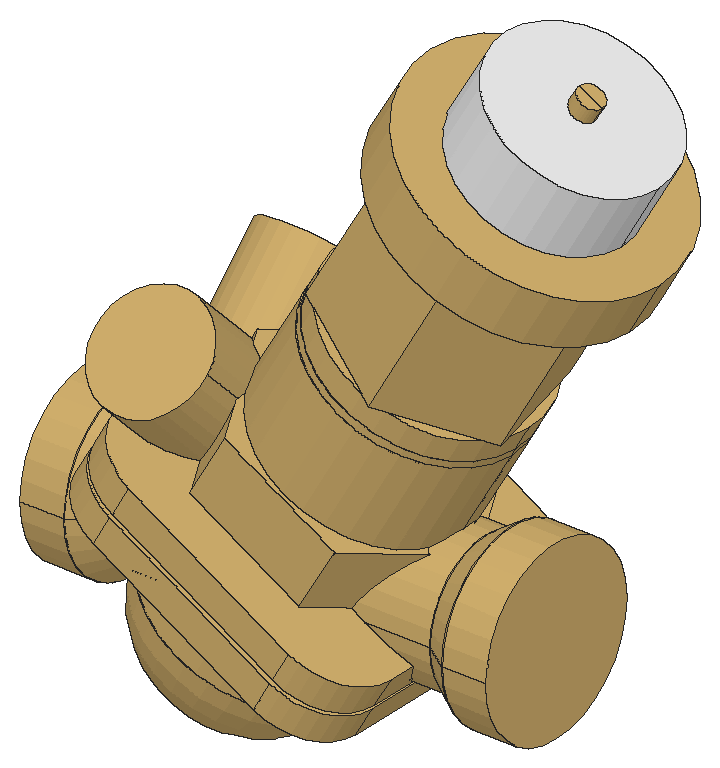
Revit family "AB-QM_DN10LF-32HF_External_RFA_1", category Pipe Accessories, Revit 2019
Family settings
  Round Connector Dimension = Use Diameter
  Part Type = Valve - Breaks Into
  Work Plane-Based = No
  Always vertical = Yes
  Cut with Voids When Loaded = No
  Shared = No
Parameters (values of type "AB-QM_DN10_External_003Z1201")
  Weight = 0.38 kg
  TP_L2 = 7 mm
  TD = R_V1_1 * 2  # 20 mm
  R_B4 = 15 mm
  R_B2 = 12 mm
  R_Arc2 = 7 mm
  Nominal Pressure = "PN 16"  # constant formula
  Model Type = "AB-QM_DN10_External"
  LV1 = 22 mm
  LV = 37 mm
  LOD 350 = not(LOD 200)  # yes
  LOD 200 = no
  L1 = 5 mm
  H_N1 = 8 mm
  H_A5 = 6.7 mm  # constant formula
  H_A2 = 20 mm
  TP_L = 13.5 mm
  Valve Body Material = Danfoss Brass
  URL = "https://store.danfoss.com/en/Climate-Solutions-for-heating/Hydronic-Balancing-and-Control/Pressure-independent-balancing-and-control/AB-QM/AB-QM-Valves/c/6990?q=%3Arelevance%3Adanfoss_producttypehierarchydesc%3A64b9d8b4eb1386042d41cb0d6519f866d976fa12%3Adanfoss_a50461501115_fts%3ATA6_1501121%3Adanfoss_a1389412863%3ATA4_425360%3Adanfoss_a1389412863%3ATA3_425359%3Adanfoss_a1389412863%3ATA2_425358%3Adanfoss_a1389412863%3ATA1_425357%3Adanfoss_a1389412863%3ATA30_458320&page=0&pageSize=20"
  TP_H = 17 mm
  Stroke = "2.25 mm"
  Setting Range = "20-120%"
  H_Plate_ve = -H_Plate  # -3.8 mm
  H_Plate = 3.8 mm
  R_T = 10 mm
  R_N2 = 12.7 mm
  R_N1 = 14.4 mm
  R_V1 = 8 mm
  TP_R1 = 6.5 mm
  Pressure Drop [instance] = 0.0 Pa
  Nominal Flow = "275 l/h"
  Model = "003Z1201"
  Min Pressure Drop = "16 kPa"
  Min Medium Temperature = "120 °C"  # constant formula
  Max Pressure Drop = "600 kPa"  # constant formula
  Max Medium Temperature = "2 °C"  # constant formula
  Manufacturer = "Danfoss"  # constant formula
  H_A4 = 3 mm
  L_1 = 26.5 mm
  H_N2 = 17.8 mm
  L2 = 3 mm
  L_Plate = 35 mm
  L = L_1 * 2  # 53 mm
  IfcExportType = "AB-QM"  # constant formula
  IfcExportAs = "IfcValveType"  # constant formula
  H_A = 12.5 mm
  H_A1 = 8 mm
  H_A3 = 1 mm
  H2 = 19 mm
  H1 = 60 mm
  GAP2 = 1 mm
  GAP = 0.5 mm
  Flow [instance] = 0.0 L/s
  Description = "Pressure Independent Control Valve"  # constant formula
  R_B3 = 12 mm
  R_V1_1 = 10 mm
  D = 10 mm
  Connection = "External Thread"  # constant formula
  R_N2_6 = R_N2 * cos(30.00°)  # 10.999 mm
  R_N1_6 = R_N1 * cos(30.00°)  # 12.471 mm
  R_Arc1 = 3 mm
  R_B1 = 12.5 mm
  A2 = 14.5 mm
  A1 = 10.5 mm
  A = 30.00°
Types (11, lengths in mm): name | Weight | TP_L2 | TD | R_B2 | R_Arc2 | Model Type | LV1 | LV | L1 | H_N1 | H_A2 | TP_L | URL | TP_H | Stroke | Setting Range | H_Plate_ve | H_Plate | R_N2 | R_N1 | R_V1 | Nominal Flow | Model | Min Pressure Drop | H_A4 | L_1 | H_N2 | L2 | L_Plate | L | H_A | H_A1 | H_A3 | H2 | H1 | R_B3 | R_V1_1 | D | R_N2_6 | R_N1_6 | R_Arc1 | R_B1 | A2 | A1
  AB-QM_DN25_External_003Z1204 | 1.45 kg | 12 | 42 | 17 | 12 | "AB-QM_DN25_External" | 37 | 74 | 10 | 16 | 31 | 15 | "https://store.danfoss.com/en/Climate-Solutions-for-heating/Hydronic-Balancing-and-Control/Pressure-independent-balancing-and-control/AB-QM/AB-QM-Valves/c/6990?q=%3Arelevance%3Adanfoss_producttypehierarchydesc%3A64b9d8b4eb1386042d41cb0d6519f866d976fa12%3Adanfoss_a50461501115_fts%3ATA6_1501121%3Adanfoss_a1389412863%3ATA4_425360%3Adanfoss_a1389412863%3ATA3_425359%3Adanfoss_a1389412863%3ATA2_425358%3Adanfoss_a1389412863%3ATA1_425357%3Adanfoss_a1389412863%3ATA30_458320&text=" | 17 | "4.50 mm" | "20-110%" | -6 | 6 | 13.9 | 22.4 | 17 | "1700 l/h" | "003Z1204" | "20 kPa" | 3 | 52 | 15.3 | 5 | 71 | 104 | 20 | 20 | 5 | 38 | 73 | 19 | 21 | 25 | 12.038 | 19.399 | 5 | 20 | 22.5 | 13
  AB-QM_DN32_External_003Z1205 | 2.21 kg | 17 | 48 | 22 | 12 | "AB-QM_DN32_External" | 45.5 | 94 | 13 | 20 | 40 | 17 | "https://store.danfoss.com/en/Climate-Solutions-for-heating/Hydronic-Balancing-and-Control/Pressure-independent-balancing-and-control/AB-QM/AB-QM-Valves/c/6990?q=%3Arelevance%3Adanfoss_producttypehierarchydesc%3A64b9d8b4eb1386042d41cb0d6519f866d976fa12%3Adanfoss_a50461501115_fts%3ATA6_1501121%3Adanfoss_a1389412863%3ATA4_425360%3Adanfoss_a1389412863%3ATA3_425359%3Adanfoss_a1389412863%3ATA2_425358%3Adanfoss_a1389412863%3ATA1_425357%3Adanfoss_a1389412863%3ATA30_458320&text=" | 16 | "4.50 mm" | "20-110%" | -8 | 8 | 13.9 | 28 | 22 | "3200 l/h" | "003Z1205" | "25 kPa" | 6.2 | 65 | 15.3 | 5 | 90 | 130 | 25 | 24 | 3.353 | 47 | 83 | 24 | 24 | 32 | 12.038 | 24.249 | 6 | 26 | 28 | 13
  AB-QM_DN20_External_003Z1203 | 0.65 kg | 10 | 33 | 13 | 12 | "AB-QM_DN20_External" | 30.5 | 58.3 | 8 | 16 | 17 | 14 | "https://store.danfoss.com/en/Climate-Solutions-for-heating/Hydronic-Balancing-and-Control/Pressure-independent-balancing-and-control/AB-QM/AB-QM-Valves/c/6990?q=%3Arelevance%3Adanfoss_producttypehierarchydesc%3A64b9d8b4eb1386042d41cb0d6519f866d976fa12%3Adanfoss_a50461501115_fts%3ATA6_1501121%3Adanfoss_a1389412863%3ATA4_425360%3Adanfoss_a1389412863%3ATA3_425359%3Adanfoss_a1389412863%3ATA2_425358%3Adanfoss_a1389412863%3ATA1_425357%3Adanfoss_a1389412863%3ATA30_458320&text=" | 16 | "2.25 mm" | "20-120%" | -6 | 6 | 12.7 | 18.5 | 14 | "900 l/h" | "003Z1203" | "16 kPa" | 5 | 41 | 17.8 | 4 | 56 | 82 | 16 | 14.5 | 5 | 30 | 64 | 13 | 16.5 | 20 | 10.999 | 16.021 | 4 | 16 | 18.5 | 12
  AB-QM_DN15HF_External_003Z1222 | 0.48 kg | 8 | 26.4 | 13 | 7 | "AB-QM_DN15HF_External" | 26 | 47 | 6.5 | 13 | 22.7 | 13 | "https://store.danfoss.com/en/Climate-Solutions-for-heating/Hydronic-Balancing-and-Control/Pressure-independent-balancing-and-control/AB-QM/AB-QM-Valves/c/6990?q=%3Arelevance%3Adanfoss_producttypehierarchydesc%3A64b9d8b4eb1386042d41cb0d6519f866d976fa12%3Adanfoss_a50461501115_fts%3ATA6_1501121%3Adanfoss_a1389412863%3ATA4_425360%3Adanfoss_a1389412863%3ATA3_425359%3Adanfoss_a1389412863%3ATA2_425358%3Adanfoss_a1389412863%3ATA1_425357%3Adanfoss_a1389412863%3ATA30_458320&text=" | 16 | "4.00 mm" | "20-110%" | -4 | 4 | 12.7 | 15 | 12 | "1135 l/h" | "003Z1222" | "35 kPa" | 3 | 32.5 | 17.8 | 2.5 | 45 | 65 | 16 | 9.5 | 1 | 24 | 62 | 13 | 13.2 | 15 | 10.999 | 12.99 | 4 | 14.6 | 15 | 12
  AB-QM_DN10_External_003Z1201 | 0.38 kg | 7 | 20 | 12 | 7 | "AB-QM_DN10_External" | 22 | 37 | 5 | 8 | 20 | 13.5 | "https://store.danfoss.com/en/Climate-Solutions-for-heating/Hydronic-Balancing-and-Control/Pressure-independent-balancing-and-control/AB-QM/AB-QM-Valves/c/6990?q=%3Arelevance%3Adanfoss_producttypehierarchydesc%3A64b9d8b4eb1386042d41cb0d6519f866d976fa12%3Adanfoss_a50461501115_fts%3ATA6_1501121%3Adanfoss_a1389412863%3ATA4_425360%3Adanfoss_a1389412863%3ATA3_425359%3Adanfoss_a1389412863%3ATA2_425358%3Adanfoss_a1389412863%3ATA1_425357%3Adanfoss_a1389412863%3ATA30_458320&page=0&pageSize=20" | 17 | "2.25 mm" | "20-120%" | -3.8 | 3.8 | 12.7 | 14.4 | 8 | "275 l/h" | "003Z1201" | "16 kPa" | 3 | 26.5 | 17.8 | 3 | 35 | 53 | 12.5 | 8 | 1 | 19 | 60 | 12 | 10 | 10 | 10.999 | 12.471 | 3 | 12.5 | 14.5 | 10.5
  AB-QM_DN32HF_External_003Z1225 | 2.21 kg | 17 | 48 | 22 | 12 | "AB-QM_DN32HF_External" | 45.5 | 94 | 13 | 20 | 40 | 17 | "https://store.danfoss.com/en/Climate-Solutions-for-heating/Hydronic-Balancing-and-Control/Pressure-independent-balancing-and-control/AB-QM/AB-QM-Valves/c/6990?q=%3Arelevance%3Adanfoss_producttypehierarchydesc%3A64b9d8b4eb1386042d41cb0d6519f866d976fa12%3Adanfoss_a50461501115_fts%3ATA6_1501121%3Adanfoss_a1389412863%3ATA4_425360%3Adanfoss_a1389412863%3ATA3_425359%3Adanfoss_a1389412863%3ATA2_425358%3Adanfoss_a1389412863%3ATA1_425357%3Adanfoss_a1389412863%3ATA30_458320&text=" | 16 | "4.50 mm" | "20-110%" | -8 | 8 | 13.9 | 28 | 22 | "4000 l/h" | "003Z1225" | "35 kPa" | 6.2 | 65 | 15.3 | 5 | 90 | 130 | 25 | 24 | 3.353 | 47 | 83 | 24 | 24 | 32 | 12.038 | 24.249 | 6 | 26 | 28 | 13
  AB-QM_DN25HF_External_003Z1224 | 1.45 kg | 12 | 42 | 17 | 12 | "AB-QM_DN25HF_External" | 37 | 74 | 10 | 16 | 31 | 15 | "https://store.danfoss.com/en/Climate-Solutions-for-heating/Hydronic-Balancing-and-Control/Pressure-independent-balancing-and-control/AB-QM/AB-QM-Valves/c/6990?q=%3Arelevance%3Adanfoss_producttypehierarchydesc%3A64b9d8b4eb1386042d41cb0d6519f866d976fa12%3Adanfoss_a50461501115_fts%3ATA6_1501121%3Adanfoss_a1389412863%3ATA4_425360%3Adanfoss_a1389412863%3ATA3_425359%3Adanfoss_a1389412863%3ATA2_425358%3Adanfoss_a1389412863%3ATA1_425357%3Adanfoss_a1389412863%3ATA30_458320&text=" | 17 | "4.50 mm" | "20-110%" | -6 | 6 | 13.9 | 22.4 | 17 | "2700 l/h" | "003Z1224" | "35 kPa" | 3 | 52 | 15.3 | 5 | 71 | 104 | 20 | 20 | 5 | 38 | 73 | 19 | 21 | 25 | 12.038 | 19.399 | 5 | 20 | 22.5 | 13
  AB-QM_DN20HF_External_003Z1223 | 0.65 kg | 10 | 33 | 13 | 12 | "AB-QM_DN20HF_External" | 30.5 | 58.3 | 8 | 16 | 17 | 14 | "https://store.danfoss.com/en/Climate-Solutions-for-heating/Hydronic-Balancing-and-Control/Pressure-independent-balancing-and-control/AB-QM/AB-QM-Valves/c/6990?q=%3Arelevance%3Adanfoss_producttypehierarchydesc%3A64b9d8b4eb1386042d41cb0d6519f866d976fa12%3Adanfoss_a50461501115_fts%3ATA6_1501121%3Adanfoss_a1389412863%3ATA4_425360%3Adanfoss_a1389412863%3ATA3_425359%3Adanfoss_a1389412863%3ATA2_425358%3Adanfoss_a1389412863%3ATA1_425357%3Adanfoss_a1389412863%3ATA30_458320&text=" | 16 | "4.00 mm" | "20-110%" | -6 | 6 | 12.7 | 18.5 | 14 | "1700 l/h" | "003Z1223" | "35 kPa" | 5 | 41 | 17.8 | 4 | 56 | 82 | 16 | 14.5 | 5 | 30 | 64 | 13 | 16.5 | 20 | 10.999 | 16.021 | 4 | 16 | 18.5 | 12
  AB-QM_DN15_External_003Z1202 | 0.48 kg | 8 | 26.4 | 13 | 7 | "AB-QM_DN15_External" | 26 | 47 | 6.5 | 13 | 22.7 | 13 | "https://store.danfoss.com/en/Climate-Solutions-for-heating/Hydronic-Balancing-and-Control/Pressure-independent-balancing-and-control/AB-QM/AB-QM-Valves/c/6990?q=%3Arelevance%3Adanfoss_producttypehierarchydesc%3A64b9d8b4eb1386042d41cb0d6519f866d976fa12%3Adanfoss_a50461501115_fts%3ATA6_1501121%3Adanfoss_a1389412863%3ATA4_425360%3Adanfoss_a1389412863%3ATA3_425359%3Adanfoss_a1389412863%3ATA2_425358%3Adanfoss_a1389412863%3ATA1_425357%3Adanfoss_a1389412863%3ATA30_458320&text=" | 16 | "2.25 mm" | "20-120%" | -4 | 4 | 12.7 | 15 | 12 | "450 l/h" | "003Z1202" | "16 kPa" | 3 | 32.5 | 17.8 | 2.5 | 45 | 65 | 16 | 9.5 | 1 | 24 | 62 | 13 | 13.2 | 15 | 10.999 | 12.99 | 4 | 14.6 | 15 | 12
  AB-QM_DN15LF_External_003Z1252 | 0.48 kg | 8 | 26.4 | 13 | 7 | "AB-QM_DN15LF_External" | 26 | 47 | 6.5 | 13 | 22.7 | 13 | "https://store.danfoss.com/en/Climate-Solutions-for-heating/Hydronic-Balancing-and-Control/Pressure-independent-balancing-and-control/AB-QM/AB-QM-Valves/c/6990?q=%3Arelevance%3Adanfoss_producttypehierarchydesc%3A64b9d8b4eb1386042d41cb0d6519f866d976fa12%3Adanfoss_a50461501115_fts%3ATA6_1501121%3Adanfoss_a1389412863%3ATA4_425360%3Adanfoss_a1389412863%3ATA3_425359%3Adanfoss_a1389412863%3ATA2_425358%3Adanfoss_a1389412863%3ATA1_425357%3Adanfoss_a1389412863%3ATA30_458320&text=" | 16 | "2.25 mm" | "20-120%" | -4 | 4 | 12.7 | 15 | 12 | "275 l/h" | "003Z1252" | "16 kPa" | 3 | 32.5 | 17.8 | 2.5 | 45 | 65 | 16 | 9.5 | 1 | 24 | 62 | 13 | 13.2 | 15 | 10.999 | 12.99 | 4 | 14.6 | 15 | 12
  AB-QM_DN10LF_External_003Z1251 | 0.38 kg | 7 | 20 | 12 | 7 | "AB-QM_DN10LF_External" | 22 | 37 | 5 | 8 | 20 | 13.5 | "https://store.danfoss.com/en/Climate-Solutions-for-heating/Hydronic-Balancing-and-Control/Pressure-independent-balancing-and-control/AB-QM/AB-QM-Valves/c/6990?q=%3Arelevance%3Adanfoss_producttypehierarchydesc%3A64b9d8b4eb1386042d41cb0d6519f866d976fa12%3Adanfoss_a50461501115_fts%3ATA6_1501121%3Adanfoss_a1389412863%3ATA4_425360%3Adanfoss_a1389412863%3ATA3_425359%3Adanfoss_a1389412863%3ATA2_425358%3Adanfoss_a1389412863%3ATA1_425357%3Adanfoss_a1389412863%3ATA30_458320&page=0&pageSize=20" | 17 | "2.25 mm" | "20-120%" | -3.8 | 3.8 | 12.7 | 14.4 | 8 | "150 l/h" | "003Z1251" | "16 kPa" | 3 | 26.5 | 17.8 | 3 | 35 | 53 | 12.5 | 8 | 1 | 19 | 60 | 12 | 10 | 10 | 10.999 | 12.471 | 3 | 12.5 | 14.5 | 10.5
Reference planes
  plane 1 "Center (Front/Back)": y = 0
  plane 2 "XYPLANE": z = 0
  plane 3 "Center (Left/Right)": x = 0
  plane 4 "293": x = -13.5
  plane 5 "292": x = -13.5
  plane 6 "245": x = 0
  plane 7 "244": through (0, 535.28, -525.38) normal (0, 0.7071, 0.7071)
  plane 8 "243": through (0, 525.38, 535.28) normal (0, -0.7071, 0.7071)
  plane 9 "237": through (369.753, 0, 652.548) normal (0.866, 0, -0.5)
  plane 10 "228": through (0, 535.28, -525.38) normal (0, 0.7071, 0.7071)
  plane 11 "227": through (0, -535.28, -525.38) normal (0, 0.7071, -0.7071)
  plane 12 "226": x = 0
  plane 13 "202": through (-623.369, 0, 420.293) normal (0.5, 0, 0.866)
  plane 14 "201": through (-626.719, 0, 414.491) normal (0.5, 0, 0.866)
  plane 15 "200": through (-635.619, 0, 399.076) normal (0.5, 0, 0.866)
  plane 16 "199": through (-637.119, 0, 396.477) normal (0.5, 0, 0.866)
  plane 17 "198": through (-637.619, 0, 395.611) normal (0.5, 0, 0.866)
  plane 18 "197": through (-647.619, 0, 378.291) normal (0.5, 0, 0.866)
  plane 19 "195": through (-661.669, 0, 353.956) normal (0.5, 0, 0.866)
  plane 20 "194": through (-655.419, 0, 364.781) normal (0.5, 0, 0.866)
  plane 21 "193": through (-651.419, 0, 371.709) normal (0.5, 0, 0.866)
  plane 22 "192": through (364.033, 0, 665.641) normal (0.866, 0, -0.5)
  plane 23 "189": through (-649.769, 0, 374.567) normal (0.5, 0, 0.866)
  plane 24 "96": through (-649.519, 0, 375) normal (0.5, 0, 0.866)
  plane 25 "95": y = 0
  plane 26 "93": through (370.619, 0, 652.048) normal (0.866, 0, -0.5)
  plane 27 "40": x = 18
  plane 28 "39": x = 15
  plane 29 "38": x = -25
  plane 30 "37": x = -22
  plane 31 "26": x = -30
  plane 32 "25": x = 23
  plane 33 "24": z = 0
  plane 34 "23": y = 0
  plane 35 "22": x = 0
  plane 36 "242XY": through (0, 525.38, 535.28) normal (0, -0.7071, 0.7071)
  plane 37 "242XZ": through (0, 535.28, -525.38) normal (0, 0.7071, 0.7071)
  plane 38 "242YZ": x = 0
  plane 39 "204XY": through (0, 535.28, -525.38) normal (0, 0.7071, 0.7071)
  plane 40 "204XZ": through (0, -535.28, -525.38) normal (0, 0.7071, -0.7071)
  plane 41 "204YZ": x = 0
  plane 42 "87XY": through (-649.519, 0, 375) normal (0.5, 0, 0.866)
  plane 43 "87XZ": y = 0
  plane 44 "87YZ": through (370.619, 0, 652.048) normal (0.866, 0, -0.5)
  plane 45 "LN1": through (-643.619, -1524, 385.219) normal (0.5, 0, 0.866)
  plane 46: through (-619.119, -1524, 427.654) normal (0.5, 0, 0.866)
  plane 47: through (-618.169, -1524, 429.3) normal (0.5, 0, 0.866)
  plane 48: through (358.062, -1524, 659.298) normal (0.866, 0, -0.5)
  plane 49: through (361.526, -1524, 657.298) normal (0.866, 0, -0.5)
  plane 50: through (360.227, -1524, 658.048) normal (0.866, 0, -0.5)
  plane 51 "1": through (0, 530.33, -530.33) normal (0, 0.7071, 0.7071)
  plane 52 "2": through (0, -530.33, -530.33) normal (0, 0.7071, -0.7071)
  plane 53 "3": through (0, 535.987, -524.673) normal (0, 0.7071, 0.7071)
Forms (mm)
  Extrusion 1, solid, material "Danfoss Brass" <- "Valve Body Material", detail levels fine
    sketch origin (-661.669, 0, 353.956) x (0.866025, 0, -0.5) y (0, 1, 0)
      loop
        circle (744.941, 0) r 1
    from 0 to 3 <- "H_A4"
  Revolve 2, solid, material "Danfoss Brass" <- "Valve Body Material", detail levels fine
    sketch origin (-8.083, 0, -12) x (0, 0, 1) y (1, 0, 0)
      loop
        line (4.81, -3.064) -> (-6.015, -9.314)
        arc (-6.015, -9.314) -> (1.617, -14.096) -> (10.56, -13.023) r 13.521
        line (10.56, -13.023) -> (4.81, -3.064)
      axis (-6.515, -8.448) -> (4.31, -2.198)
    angle from 0 to -360
  Extrusion 3, solid, material "Danfoss Brass" <- "Valve Body Material", detail levels fine
    sketch origin (0, 525.38, 535.28) x (0, -0.707107, -0.707107) y (1, 0, 0)
      loop
        circle (743, -13.5) r 6.5
    from 0 to 17 <- "TP_H"
  Extrusion 4, solid, material "Danfoss Brass" <- "Valve Body Material", detail levels fine
    sketch origin (0, 535.28, -525.38) x (0, -0.707107, 0.707107) y (1, 0, 0)
      loop
        circle (757, -13.5) r 6.5
    from 0 to 17 <- "TP_H"
  Extrusion 5, solid, material "Danfoss Brass" <- "Valve Body Material", detail levels fine
    sketch origin (-650.852, 0, 375.192) x (0.866025, 0, -0.5) y (0, 1, 0)
      loop
        line (756.691, 17.5) -> (735.691, 17.5)
        arc (735.691, 17.5) -> (730.741, 15.45) -> (728.691, 10.5) r 7
        line (728.691, 10.5) -> (728.691, -10.5)
        arc (728.691, -10.5) -> (730.741, -15.45) -> (735.691, -17.5) r 7
        line (735.691, -17.5) -> (756.691, -17.5)
        arc (756.691, -17.5) -> (761.641, -15.45) -> (763.691, -10.5) r 7
        line (763.691, -10.5) -> (763.691, 10.5)
        arc (763.691, 10.5) -> (761.641, 15.45) -> (756.691, 17.5) r 7
    from 0 to -3.8 <- "H_Plate_ve"
  Extrusion 6, solid, material "Danfoss Brass" <- "Valve Body Material", detail levels fine
    sketch origin (-5.9, 0, -10.219) x (0.866025, 0, -0.5) y (0, 1, 0)
      loop
        circle (-5.059, 0) r 12.5
    from 8 to 0
  Extrusion 7, solid, material "Danfoss Brass" <- "Valve Body Material", visible <- "LOD 350", detail levels fine
    sketch origin (-647.619, 0, 378.291) x (0.866025, 0, -0.5) y (0, 1, 0)
      loop
        line (730.541, 0) -> (737.741, -12.471) -> (752.141, -12.471) -> (759.341, 0) -> (752.141, 12.471) -> (737.741, 12.471) -> (730.541, 0)
    from 0 to 8 <- "H_N1"
  Extrusion 8, solid, material "Danfoss Brass" <- "Valve Body Material", visible <- "LOD 350", detail levels fine
    sketch origin (5.9, 0, 10.219) x (-0.866025, 0, 0.5) y (0, -1, 0)
      loop
        circle (5.059, 0) r 12
    from 0 to 12
  Extrusion 9, solid, material "Danfoss Brass" <- "Valve Body Material", visible <- "LOD 350", detail levels fine
    sketch origin (-637.119, 0, 396.477) x (0.866025, 0, -0.5) y (0, 1, 0)
      loop
        circle (744.941, 0) r 12
    from 0 to 3 <- "H_A4"
  Extrusion 10, solid, material "Danfoss Brass" <- "Valve Body Material", visible <- "LOD 350", detail levels fine
    sketch origin (-635.619, 0, 399.076) x (0.866025, 0, -0.5) y (0, 1, 0)
      loop
        line (735.386, -8.365) -> (747.408, -12.458) -> (756.964, -4.093) -> (754.497, 8.365) -> (742.474, 12.458) -> (732.919, 4.093) -> (735.386, -8.365)
    from 0 to 17.8 <- "H_N2"
  Extrusion 11, solid, material "Danfoss Brass" <- "Valve Body Material", detail levels fine
    sketch origin (-626.719, 0, 414.491) x (0.866025, 0, -0.5) y (0, 1, 0)
      loop
        circle (744.941, 0) r 15
    from 0 to 6.7
  Extrusion 12, solid, material "Danfoss Brass" <- "Valve Body Material", detail levels fine
    sketch origin (-650.602, 0, 375.625) x (0.866025, 0, -0.5) y (0, 1, 0)
      loop
        arc (735.691, 17.5) -> (730.741, 15.45) -> (728.691, 10.5) r 7
        line (728.691, 10.5) -> (728.691, -10.5)
        arc (728.691, -10.5) -> (730.741, -15.45) -> (735.691, -17.5) r 7
        line (735.691, -17.5) -> (756.691, -17.5)
        arc (756.691, -17.5) -> (761.641, -15.45) -> (763.691, -10.5) r 7
        line (763.691, -10.5) -> (763.691, 10.5)
        arc (763.691, 10.5) -> (761.641, 15.45) -> (756.691, 17.5) r 7
        line (756.691, 17.5) -> (735.691, 17.5)
    from 0 to 3.8 <- "H_Plate"
  Blend 13, solid, material "Danfoss Brass" <- "Valve Body Material", visible <- "LOD 350", detail levels fine
    base sketch origin (-637.119, 0, 396.477) x (0.866025, 0, -0.5) y (0, 1, 0)
      loop
        circle (744.941, 0) r 12
    top sketch origin (-637.119, 0, 396.477) x (0.866025, 0, -0.5) y (0, 1, 0)
      loop
        circle (744.941, 0) r 12
    from 0 to -1
  Extrusion 14, solid, material "Danfoss Brass" <- "Valve Body Material", detail levels fine
    sketch origin (23, -750, 0) x (0, 1, 0) y (0, 0, 1)
      loop
        circle (750, 0) r 10
    from 0 to -5
  Extrusion 15, solid, material "Danfoss Brass" <- "Valve Body Material", detail levels fine
    sketch origin (-30, -750, 0) x (0, 1, 0) y (0, 0, 1)
      loop
        circle (750, 0) r 10
    from 0 to 5 <- "L1"
  Extrusion 16, solid, material "Danfoss Plastic White", detail levels fine
    sketch origin (-623.369, 0, 420.293) x (0.866025, 0, -0.5) y (0, 1, 0)
      loop
        circle (744.941, 0) r 10
    from 0 to 8.5
  Blend 17, solid, material "Danfoss Brass" <- "Valve Body Material", visible <- "LOD 350", detail levels fine
    base sketch origin (18, -750, 0) x (0, 1, 0) y (0, 0, 1)
      loop
        circle (750, 0) r 10
    top sketch origin (18, -750, 0) x (0, 1, 0) y (0, 0, 1)
      loop
        circle (750, 0) r 8
    from 0 to -3
  Blend 18, solid, material "Danfoss Brass" <- "Valve Body Material", visible <- "LOD 350", detail levels fine
    base sketch origin (-25, -750, 0) x (0, 1, 0) y (0, 0, 1)
      loop
        circle (750, 0) r 10
    top sketch origin (-25, -750, 0) x (0, 1, 0) y (0, 0, 1)
      loop
        circle (750, 0) r 8
    from 0 to 3
  Extrusion 19, solid, material "Danfoss Brass" <- "Valve Body Material", visible <- "LOD 350", detail levels fine
    sketch origin (-22, -750, 0) x (0, 1, 0) y (0, 0, 1)
      loop
        circle (750, 0) r 8
    from 0 to 37
  Revolve 20, solid, material "Danfoss Brass" <- "Valve Body Material", detail levels fine
    sketch origin (-8.083, 0, -12) x (0, 0, 1) y (1, 0, 0)
      loop
        line (67.184, 34.102) -> (68.829, 35.052) -> (68.089, 36.333) -> (66.444, 35.383) -> (67.184, 34.102)
      axis (67.184, 34.102) -> (68.829, 35.052)
    angle from 0 to 360
  Extrusion 21, solid, material "Danfoss Brass" <- "Valve Body Material", visible <- "LOD 200", detail levels fine
    sketch origin (-25, -750, 0) x (0, 1, 0) y (0, 0, 1)
      loop
        circle (750, 0) r 8
    from 0 to 43
  Revolve 22, solid, material "Danfoss Brass" <- "Valve Body Material", visible <- "LOD 200", detail levels fine
    sketch origin (-8.083, 0, -12) x (0, 0, 1) y (1, 0, 0)
      loop
        line (54.02, 26.502) -> (17.82, 5.602) -> (25.07, -6.955) -> (31.998, -2.955) -> (30.748, -0.79) -> (44.605, 7.21) -> (43.855, 8.509) -> (59.27, 17.409) -> (54.02, 26.502)
      axis (17.82, 5.602) -> (54.02, 26.502)
    angle from 0 to 360
Lines and regions (mm)
  reference lines, not visible
    curve 1: circle (2, 2, 0) r 1 normal (0, 0, 1)
  reference lines
    curve 2: line (-21.106, 0, -1.44) -> (-17.397, 0, -18.015)
    curve 3: line (-13.5, -16.971, 26.87) -> (-11.84, -15.649, 28.192)
    curve 4: line (-13.5, -16.971, 26.87) -> (-14.289, -15.293, 28.547)
    curve 5: line (-13.5, -16.971, 26.87) -> (-15.949, -16.615, 27.226)
    curve 6: line (-13.5, -10.607, 20.506) -> (-11.84, -9.285, 21.828)
    curve 7: line (-13.5, -10.607, 20.506) -> (-14.289, -8.929, 22.183)
    curve 8: line (-13.5, -10.607, 20.506) -> (-15.949, -10.251, 20.862)
    curve 9: line (-13.5, 10.607, 20.506) -> (-11.84, 11.929, 19.184)
    curve 10: line (-13.5, 10.607, 20.506) -> (-14.289, 12.284, 18.829)
    curve 11: line (-13.5, 10.607, 20.506) -> (-15.949, 10.962, 20.151)
    curve 12: line (-13.5, 16.971, 26.87) -> (-11.84, 18.292, 25.548)
    curve 13: line (-13.5, 16.971, 26.87) -> (-14.289, 18.648, 25.193)
    curve 14: line (-13.5, 16.971, 26.87) -> (-15.949, 17.326, 26.515)
    curve 15: circle (-4.631, 0, 2.096) r 1 normal (-0.5, 0, -0.866)
    curve 16: line (-2.481, 0, 5.82) -> (-0.208, 4.547, 4.508)
    curve 17: line (-2.481, 0, 5.82) -> (2.066, 0, 3.195)
    curve 18: line (-2.481, 0, 5.82) -> (-0.208, -4.547, 4.508)
    curve 19: line (9.519, 0, 26.605) -> (8.762, 4.414, 27.042)
    curve 20: line (9.519, 0, 26.605) -> (12.451, 2.964, 24.912)
    curve 21: line (9.519, 0, 26.605) -> (13.208, -1.45, 24.475)
    curve 22: circle (-4.381, 0, 2.529) r 1 normal (0.5, 0, 0.866)
Dimensions and locks
  plane 1 "Center (Front/Back)" to curve 1 = 2 mm
  "TP_L": plane 12 "226" to plane 4 "293"
  "TP_L": plane 6 "245" to plane 5 "292"
  locked: plane 35 "22" to plane 6 "245"
  locked: plane 37 "242XZ" to plane 7 "244"
  locked: plane 36 "242XY" to plane 8 "243" at 0
  "GAP2": plane 26 "93" to plane 9 "237"
  locked: plane 39 "204XY" to plane 10 "228"
  locked: plane 40 "204XZ" to plane 11 "227"
  locked: plane 35 "22" to plane 12 "226"
  "H_N2": plane 15 "200" to plane 14 "201"
  "H_A4": plane 16 "199" to plane 15 "200"
  "H_A3": plane 17 "198" to plane 16 "199"
  "H_A2": plane 18 "197" to plane 17 "198"
  "H_Plate": plane 24 "96" to plane 18 "197"
  "H_A": plane 20 "194" to plane 19 "195"
  "H_A1": plane 21 "193" to plane 20 "194"
  "H_Plate": plane 24 "96" to plane 21 "193"
  "R_B1": plane 26 "93" to plane 22 "192"
  "GAP": plane 24 "96" to plane 23 "189"
  locked: plane 42 "87XY" to plane 24 "96" at 0
  locked: plane 34 "23" to plane 25 "95"
  locked: plane 44 "87YZ" to plane 26 "93" at 0
  locked: plane 2 "XYPLANE" to plane 33 "24"
  locked: plane 1 "Center (Front/Back)" to plane 34 "23"
  locked: plane 3 "Center (Left/Right)" to plane 35 "22"
  "R_Arc1": curve 2 to Revolve 2 sketch curve
  Revolve 2 sketch curve to Revolve 2 sketch curve = 0 mm  (x6)
  "L_Plate": Extrusion 5 sketch curve to Extrusion 5 sketch curve  (x2)
  "R_N1_6": curve 16 to Extrusion 7 sketch curve  (x2)
  "R_N1_6": curve 17 to Extrusion 7 sketch curve  (x2)
  "R_N1_6": curve 18 to Extrusion 7 sketch curve  (x2)
  Extrusion 7 sketch curve to Extrusion 7 sketch curve = 0 mm  (x12)
  "R_N2_6": curve 19 to Extrusion 10 sketch curve  (x2)
  "R_N2_6": curve 20 to Extrusion 10 sketch curve  (x2)
  "R_N2_6": curve 21 to Extrusion 10 sketch curve  (x2)
  Extrusion 10 sketch curve to Extrusion 10 sketch curve = 0 mm  (x12)
  "L_Plate": Extrusion 12 sketch curve to Extrusion 12 sketch curve  (x2)
  Extrusion 16 to level = 60.184 mm
  Extrusion 11 to Extrusion 9 = 17.8 mm
  "H_N1": plane 45 "LN1" to plane 18 "197"
  plane 32 "25" to plane 31 "26" = 53 mm
  "L1": plane 27 "40" to plane 32 "25"
  "L2": plane 29 "38" to plane 30 "37"
  locked: plane 46 to plane 13 "202" at 8.5
  plane 31 "26" to plane 32 "25" = 53 mm
  Extrusion 5 to Extrusion 5 = 35 mm
  Revolve 20 sketch curve to Revolve 20 sketch curve = 1.48 mm
  locked: plane 47 to plane 46 at 1.9
  "H_A5": plane 13 "202" to plane 14 "201"
  "LV": plane 30 "37" to plane 28 "39"
  "LV1": plane 30 "37" to plane 41 "204YZ"
  "L1": plane 31 "26" to plane 29 "38"
  "L2": plane 28 "39" to plane 27 "40"
  equal spacing: Extrusion 12, plane 43 "87XZ", Extrusion 12
  equal spacing: Extrusion 5, plane 43 "87XZ", Extrusion 5
  equal spacing: Extrusion 12 sketch curve, plane 44 "87YZ", Extrusion 12 sketch curve
  equal spacing: Extrusion 12 sketch curve, plane 43 "87XZ", Extrusion 12 sketch curve
  equal spacing: Extrusion 5 sketch curve, plane 44 "87YZ", Extrusion 5 sketch curve
  level to Revolve 2 = 19.015 mm
  "A2": plane 44 "87YZ" to plane 48
  "A1": plane 44 "87YZ" to plane 49
  "R_B2": plane 44 "87YZ" to plane 50
  "TP_L2": plane 39 "204XY" to plane 51 "1"
  "TP_L2": plane 52 "2" to plane 40 "204XZ"
  "TP_L2": plane 52 "2" to plane 36 "242XY"
  "TP_L2": plane 37 "242XZ" to plane 51 "1"
  "GAP2": radius of Extrusion 1 sketch curve
  "TP_R1": radius of Extrusion 3 sketch curve
  "TP_R1": radius of Extrusion 4 sketch curve
  "R_B1": radius of Extrusion 6 sketch curve
  "R_B2": radius of Extrusion 8 sketch curve
  "R_B3": radius of Extrusion 9 sketch curve
  "R_B4": radius of Extrusion 11 sketch curve
  "R_B2": radius of Blend 13 sketch curve
  "R_B3": radius of Blend 13 sketch curve
  "R_V1_1": radius of Extrusion 14 sketch curve
  "R_V1_1": radius of Extrusion 15 sketch curve
  "R_T": radius of Extrusion 16 sketch curve
  "R_V1": radius of Blend 17 sketch curve
  "R_V1_1": radius of Blend 17 sketch curve
  "R_V1": radius of Blend 18 sketch curve
  "R_V1_1": radius of Blend 18 sketch curve
  "R_V1": radius of Extrusion 19 sketch curve
  "R_Arc2": radius of Extrusion 12 sketch curve  (x4)
  "R_Arc2": radius of Extrusion 5 sketch curve  (x4)
  "R_V1": radius of Extrusion 21 sketch curve
  locked: curve 4 to curve 3 (angle 60.00°)
  locked: curve 5 to curve 4 (angle 60.00°)
  locked: curve 5 to curve 3 (angle 120.00°)
  locked: curve 7 to curve 6 (angle 60.00°)
  locked: curve 8 to curve 7 (angle 60.00°)
  locked: curve 8 to curve 6 (angle 120.00°)
  locked: curve 10 to curve 9 (angle 60.00°)
  locked: curve 11 to curve 10 (angle 60.00°)
  locked: curve 11 to curve 9 (angle 120.00°)
  locked: curve 13 to curve 12 (angle 60.00°)
  locked: curve 14 to curve 13 (angle 60.00°)
  locked: curve 14 to curve 12 (angle 120.00°)
  locked: curve 17 to curve 16 (angle 60.00°)
  locked: curve 18 to curve 17 (angle 60.00°)
  locked: curve 18 to curve 16 (angle 120.00°)
  locked: curve 20 to curve 19 (angle 60.00°)
  locked: curve 21 to curve 20 (angle 60.00°)
  locked: curve 21 to curve 19 (angle 120.00°)
  aligned and locked: level to plane 2 "XYPLANE"
  aligned and locked: plane 25 "95" to Extrusion 1 sketch curve
  aligned and locked: Extrusion 1 sketch curve to plane 26 "93"
  aligned and locked: plane 9 "237" to Revolve 2 sketch curve  (x2)
  aligned and locked: plane 22 "192" to Revolve 2 sketch curve
  aligned and locked: plane 20 "194" to curve 2
  aligned and locked: plane 22 "192" to curve 2
  aligned and locked: plane 9 "237" to curve 2
  aligned and locked: plane 19 "195" to curve 2
  aligned and locked: plane 19 "195" to Revolve 2 sketch curve
  aligned and locked: plane 20 "194" to Revolve 2 sketch curve  (x2)
  aligned and locked: plane 26 "93" to Revolve 2 sketch curve
  aligned and locked: plane 5 "292" to Extrusion 3 sketch curve
  aligned and locked: plane 7 "244" to Extrusion 3 sketch curve
  aligned and locked: plane 5 "292" to curve 4
  aligned and locked: plane 7 "244" to curve 4
  aligned and locked: plane 5 "292" to curve 7
  aligned and locked: plane 7 "244" to curve 8
  aligned and locked: plane 4 "293" to curve 10
  aligned and locked: plane 4 "293" to curve 13
  aligned and locked: plane 4 "293" to Extrusion 4 sketch curve
  aligned and locked: plane 11 "227" to Extrusion 4 sketch curve
  aligned and locked: plane 25 "95" to curve 15
  aligned and locked: curve 15 to plane 26 "93"
  aligned and locked: plane 25 "95" to Extrusion 6 sketch curve
  aligned and locked: Extrusion 6 sketch curve to plane 26 "93"
  aligned and locked: curve 16 to plane 26 "93"
  aligned and locked: plane 25 "95" to curve 17
  aligned and locked: plane 25 "95" to Extrusion 8 sketch curve
  aligned and locked: Extrusion 8 sketch curve to plane 26 "93"
  aligned and locked: plane 25 "95" to Extrusion 9 sketch curve
  aligned and locked: Extrusion 9 sketch curve to plane 26 "93"
  aligned and locked: curve 19 to plane 26 "93"
  aligned and locked: plane 25 "95" to curve 20
  aligned and locked: plane 25 "95" to Extrusion 11 sketch curve
  aligned and locked: Extrusion 11 sketch curve to plane 26 "93"
  aligned and locked: plane 25 "95" to curve 22
  aligned and locked: curve 22 to plane 26 "93"
  aligned and locked: plane 25 "95" to Blend 13 sketch curve  (x2)
  aligned and locked: Blend 13 sketch curve to plane 26 "93"  (x2)
  aligned and locked: Blend 13 to plane 17 "198"
  aligned and locked: plane 33 "24" to Extrusion 14 sketch curve
  aligned and locked: Extrusion 14 sketch curve to plane 34 "23"
  aligned and locked: plane 33 "24" to Extrusion 15 sketch curve
  aligned and locked: Extrusion 15 sketch curve to plane 34 "23"
  aligned and locked: plane 25 "95" to Extrusion 16 sketch curve
  aligned and locked: Extrusion 16 sketch curve to plane 26 "93"
  aligned and locked: plane 33 "24" to Blend 17 sketch curve  (x2)
  aligned and locked: Blend 17 sketch curve to plane 34 "23"  (x2)
  aligned and locked: plane 33 "24" to Blend 18 sketch curve  (x2)
  aligned and locked: Blend 18 sketch curve to plane 34 "23"  (x2)
  aligned and locked: plane 30 "37" to Blend 18
  aligned and locked: plane 33 "24" to Extrusion 19 sketch curve
  aligned and locked: Extrusion 19 sketch curve to plane 34 "23"
  aligned and locked: plane 17 "198" to Extrusion 8
  aligned and locked: Extrusion 14 to plane 27 "40"
  aligned and locked: Extrusion 19 to plane 28 "39"
  aligned and locked: plane 21 "193" to Extrusion 6
  aligned and locked: plane 46 to Extrusion 16
  aligned and locked: plane 13 "202" to Extrusion 11
  aligned and locked: plane 46 to Revolve 20 sketch curve
  aligned and locked: plane 47 to Revolve 20 sketch curve
  aligned and locked: plane 44 "87YZ" to Revolve 20 sketch curve
  aligned and locked: Revolve 20 sketch curve to plane 26 "93"
  aligned and locked: Blend 17 to plane 28 "39"
  aligned and locked: level to Extrusion 21 sketch curve
  aligned and locked: plane 1 "Center (Front/Back)" to Extrusion 21 sketch curve
  aligned and locked: Extrusion 21 to plane 27 "40"
  aligned and locked: plane 44 "87YZ" to Revolve 22 sketch curve
  aligned and locked: plane 18 "197" to Revolve 22 sketch curve
  aligned and locked: plane 45 "LN1" to Revolve 22 sketch curve
  aligned and locked: plane 48 to Revolve 22 sketch curve
  aligned and locked: plane 50 to Revolve 22 sketch curve
  aligned and locked: plane 15 "200" to Revolve 22 sketch curve
  aligned and locked: plane 49 to Revolve 22 sketch curve
  aligned and locked: Revolve 22 sketch curve to Revolve 22 sketch curve  (x2)
  aligned and locked: Revolve 22 sketch curve to plane 14 "201"
  aligned and locked: nested 1 to plane 31 "26"
Automatic sketch dimensions
  plane 7 "244" to curve 5 = 0.503 mm
  plane 7 "244" to curve 8 = 0.503 mm
  curve 11 to plane 8 "243" = 0.503 mm
  curve 14 to plane 8 "243" = 0.503 mm
  plane 9 "237" to curve 19 = 0.126 mm
  plane 3 "Center (Left/Right)" to curve 1 = 2 mm
  curve 10 to plane 4 "293" = 0 mm
  Revolve 20 sketch curve to plane 28 "39" = 4.374 mm
  Revolve 20 sketch curve to plane 28 "39" = 1.271 mm
  Revolve 22 sketch curve to plane 14 "201" = 0 mm
  curve 14 to plane 8 "243" = 0 mm
  curve 11 to plane 8 "243" = 0 mm
  plane 31 "26" to Revolve 2 sketch curve = 0.119 mm
  plane 1 "Center (Front/Back)" to Extrusion 5 sketch curve = 17.5 mm
  radius of curve 15 = 1 mm
  radius of curve 22 = 1 mm
  radius of curve 1 = 1 mm
Nested families
  nested 1: "Schematic_Pressure Independent Control Valve" at (-3.5, 0, 0), type "Schematic_Pressure Independent Control Valve", detail levels coarse+medium
Connectors
  piping at (23, 0, 0), diameter 10, driven by "D", driven by "Flow"
    settings: on Extrusion 14, index 1, connector inside diameter 609.6 mm, connector length 0 mm, flow factor 0, pipe flow 0.0 L/s, pressure drop 0.0 Pa, fitting loss kfactor 0, connector angle 0.00°, fixture units 0, engagement length 0 mm, angle of deflection 0.00°, flow configuration 0, flow direction 0, fitting loss method 0, system type 29, joint type 0, gender type 0, connector reference index 2, connector utility 0, adjustable connector no, is connector primary yes, connector description ""
  piping at (-30, 0, 0), diameter 10, driven by "D", driven by "Flow"
    settings: on Extrusion 15, index 2, connector inside diameter 609.6 mm, connector length 0 mm, flow factor 0, pipe flow 0.0 L/s, pressure drop 0.0 Pa, fitting loss kfactor 0, connector angle 0.00°, fixture units 0, engagement length 0 mm, angle of deflection 0.00°, flow configuration 0, flow direction 0, fitting loss method 0, system type 29, joint type 0, gender type 0, connector reference index 1, connector utility 0, adjustable connector no, is connector primary no, connector description ""
Definition of nested family "Schematic_Pressure Independent Control Valve"
  Parameters (values of type "Schematic_Pressure Independent Control Valve")
    L1 = L / 2  # 26.5 mm
    L = 53 mm
    H2 = 1 / 4 * H1  # 6.625 mm
    H1 = L / 2  # 26.5 mm
    D = 20 mm
  Reference planes
    plane 1 "Center (Front/Back)": y = 0
    plane 2: z = 0
    plane 3 "Center (Left/Right)": x = 0
    plane 4: x = 13.25
    plane 5: x = -13.25
    plane 6: z = 10
    plane 7: z = -10
    plane 8: z = 26.5
    plane 9: x = 26.5
    plane 10: x = -26.5
    plane 11: y = 10
    plane 12: y = -10
    plane 13: y = 26.5
    plane 14: y = -26.5
    plane 15: z = -26.5
    plane 16: y = -19.875
    plane 17: z = -19.875
  Lines and regions (mm)
    model lines
      curve 1: line (0, 0, 0) -> (-26.5, 0, 10)
      curve 2: line (-26.5, 0, 10) -> (-26.5, 0, -10)
      curve 3: line (-26.5, 0, -10) -> (0, 0, 0)
      curve 4: line (0, 0, 0) -> (26.5, 0, 10)
      curve 5: line (26.5, 0, 10) -> (26.5, 0, -10)
      curve 6: line (26.5, 0, -10) -> (0, 0, 0)
      curve 7: line (-13.25, 0, 26.5) -> (13.25, 0, 26.5)
      curve 15: line (-13.25, 0, -26.5) -> (13.25, 0, -26.5)
      curve 16: spline (0, 0, -33.125) -> (3.429, 0, -32.899) -> (6.625, 0, -32.237) -> (9.369, 0, -31.185) -> (11.475, 0, -29.813) -> (12.799, 0, -28.215) -> (13.25, 0, -26.5) -> (12.799, 0, -24.785) -> (11.475, 0, -23.188) -> (9.369, 0, -21.815) -> (6.625, 0, -20.763) -> (3.429, 0, -20.101) -> (0, 0, -19.875) -> (-3.429, 0, -20.101) -> (-6.625, 0, -20.763) -> (-9.369, 0, -21.815) -> (-11.475, 0, -23.187) -> (-12.799, 0, -24.785) -> (-13.25, 0, -26.5) -> (-12.799, 0, -28.215) -> (-11.475, 0, -29.812) -> (-9.369, 0, -31.185) -> (-6.625, 0, -32.237) -> (-3.429, 0, -32.899) -> (0, 0, -33.125)
      curve 17: line (0, 0, 26.5) -> (0, 0, -19.875)
    symbolic lines
      curve 8: line (26.5, 10, 0) -> (26.5, -10, 0)
      curve 9: line (-26.5, 10, 0) -> (-26.5, -10, 0)
      curve 10: line (-26.5, 10, 0) -> (0, 0, 0)
      curve 11: line (0, 0, 0) -> (-26.5, -10, 0)
      curve 12: line (0, 0, 0) -> (26.5, -10, 0)
      curve 13: line (0, 0, 0) -> (26.5, 10, 0)
      curve 14: line (13.25, 26.5, 0) -> (-13.25, 26.5, 0)
      curve 18: line (0, 26.5, 0) -> (0, -19.875, 0)
      curve 19: line (-13.25, -26.5, 0) -> (13.25, -26.5, 0)
      curve 20: spline (0, -33.125, 0) -> (3.429, -32.899, 0) -> (6.625, -32.237, 0) -> (9.369, -31.185, 0) -> (11.475, -29.813, 0) -> (12.799, -28.215, 0) -> (13.25, -26.5, 0) -> (12.799, -24.785, 0) -> (11.475, -23.188, 0) -> (9.369, -21.815, 0) -> (6.625, -20.763, 0) -> (3.429, -20.101, 0) -> (0, -19.875, 0) -> (-3.429, -20.101, 0) -> (-6.625, -20.763, 0) -> (-9.369, -21.815, 0) -> (-11.475, -23.187, 0) -> (-12.799, -24.785, 0) -> (-13.25, -26.5, 0) -> (-12.799, -28.215, 0) -> (-11.475, -29.812, 0) -> (-9.369, -31.185, 0) -> (-6.625, -32.237, 0) -> (-3.429, -32.899, 0) -> (0, -33.125, 0)
  Dimensions and locks
    equal spacing: plane 4, plane 3 "Center (Left/Right)", plane 5
    "D": plane 6 to plane 7
    equal spacing: plane 6, level, plane 7
    "L": plane 9 to plane 10
    equal spacing: plane 9, plane 3 "Center (Left/Right)", plane 10
    "D": plane 12 to plane 11
    equal spacing: plane 12, plane 1 "Center (Front/Back)", plane 11
    "H1": plane 1 "Center (Front/Back)" to plane 13
    "H1": plane 14 to plane 1 "Center (Front/Back)"
    "H1": plane 8 to level
    "H1": level to plane 15
    "L1": plane 4 to plane 5
    "H2": curve 16 to curve 16
    "H2": curve 16 to plane 15
    "H2": plane 17 to plane 15
    "H2": plane 14 to plane 16
    "H2": curve 20 to curve 20
    "H2": plane 14 to curve 20
    aligned and locked: level to plane 2
    aligned and locked: plane 5 to curve 7
    aligned and locked: plane 4 to curve 7
    aligned and locked: curve 15 to plane 15
    aligned and locked: plane 5 to curve 15
    aligned and locked: plane 4 to curve 15
    aligned and locked: curve 17 to plane 3 "Center (Left/Right)"
    aligned and locked: curve 18 to plane 3 "Center (Left/Right)"
    aligned and locked: plane 14 to curve 19
  Automatic sketch dimensions
    curve 1 to plane 6 = 0 mm
    curve 1 to plane 10 = 0 mm
    curve 6 to level = 0 mm
    curve 6 to plane 3 "Center (Left/Right)" = 0 mm
    curve 5 to plane 6 = 0 mm
    curve 5 to plane 9 = 0 mm
    curve 3 to plane 7 = 0 mm
    curve 6 to plane 7 = 0 mm
    curve 17 to plane 8 = 0 mm
    curve 10 to plane 10 = 0 mm
    curve 19 to plane 5 = 0 mm
    curve 14 to plane 5 = 0 mm
    plane 1 "Center (Front/Back)" to curve 10 = 0 mm
    curve 10 to plane 3 "Center (Left/Right)" = 0 mm
    curve 20 to plane 3 "Center (Left/Right)" = 0 mm
    curve 14 to plane 4 = 0 mm
    curve 12 to plane 9 = 0 mm
    plane 12 to curve 9 = 0 mm
    plane 12 to curve 12 = 0 mm
    plane 11 to curve 9 = 0 mm
    plane 11 to curve 13 = 0 mm
    plane 13 to curve 14 = 0 mm
